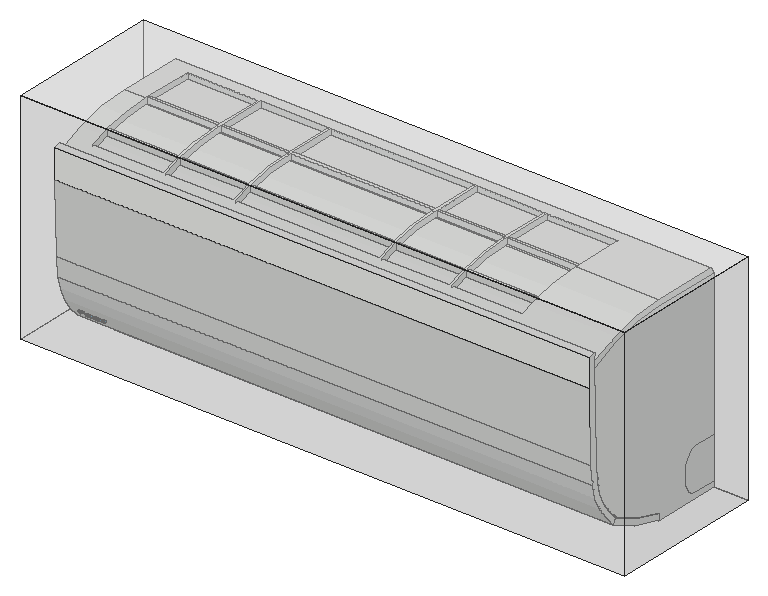
Revit family "outputfile", category 機械設備, Revit 2024
Family settings
  丸型コネクタ寸法 = 半径を使用
  パーツ タイプ = 標準
  OmniClass 番号 = 23.75.10.24.21.27.27
  OmniClass タイトル = Split System Air Conditioning Units
  作業面ベース = いいえ
  常に垂直 = はい
  ロード時にボイドで切り取り = いいえ
  注釈の向きを維持 = いいえ
  共有 = いいえ
  部屋計算ポイント = いいえ
Parameters (values of type "FTKF20TVMA")
  Description = ""
  書き出し IFC クラス(タイプ) = "IfcUnitaryEquipmentType"
  定義済み IFC タイプ(タイプ) = "AIRCONDITIONINGUNIT"
  Cost = 0
  Type Comments = ""
  Keynote = ""
  Type Image = (empty or 0)
  Assembly Code = ""
  w_wall hole = if(Width = 770.0 mm, 48.0 mm, 60.0 mm)  # 48.0 mm
  製造元 = "Daikin"
  モデル = "FTKF20TVMA"
  switch_frequency = yes
  r_Liquid Pipe Size = Liquid Pipe Size / 2  # 3.2 mm
  r_Gas Pipe Size = Gas Pipe Size / 2  # 4.75 mm
  r_Drain Pipe Size = Drain Pipe Size / 2  # 8.0 mm
  lw_powersupply [instance] = if(Width = 770.0 mm, if(or(Rear Right Connection_refrigerant, Bottom Right Connection_refrigerant), 25.0 mm, if(or(Rear Left Connection_refrigerant, Bottom Left Connection_refrigerant), 745.0 mm, 400.0 mm)), if(Width = 990.0 mm, if(or(Rear Right Connection_refrigerant, Bottom Right Connection_refrigerant), 40.0 mm, if(or(Rear Left Connection_refrigerant, Bottom Left Connection_refrigerant), 920.0 mm, 400.0 mm)), if(or(Rear Right Connection_refrigerant, Bottom Right Connection_refrigerant), 40.0 mm, if(or(Rear Left Connection_refrigerant, Bottom Left Connection_refrigerant), 920.0 mm, 400.0 mm))))  # 400.0 mm
  lw_liquidpipe [instance] = if(Width = 770.0 mm, if(or(Rear Right Connection_refrigerant, Bottom Right Connection_refrigerant), 0.0 mm, if(or(Rear Left Connection_refrigerant, Bottom Left Connection_refrigerant), 664.0 mm, 385.0 mm)), if(Width = 990.0 mm, if(or(Rear Right Connection_refrigerant, Bottom Right Connection_refrigerant), 0.0 mm, if(or(Rear Left Connection_refrigerant, Bottom Left Connection_refrigerant), 664.0 mm + (990.0 mm - 770.0 mm), 475.0 mm)), if(or(Rear Right Connection_refrigerant, Bottom Right Connection_refrigerant), 0.0 mm, if(or(Rear Left Connection_refrigerant, Bottom Left Connection_refrigerant), 664.0 mm + (990.0 mm - 770.0 mm), 475.0 mm))))  # 385.0 mm
  lw_gaspipe [instance] = if(Width = 770.0 mm, if(or(Rear Right Connection_refrigerant, Bottom Right Connection_refrigerant), 0.0 mm, if(or(Rear Left Connection_refrigerant, Bottom Left Connection_refrigerant), 675.0 mm, if(Gas Pipe Size = 12.7 mm, 345.0 mm, 335.0 mm))), if(Width = 990.0 mm, if(or(Rear Right Connection_refrigerant, Bottom Right Connection_refrigerant), 10.0 mm, if(or(Rear Left Connection_refrigerant, Bottom Left Connection_refrigerant), 890.0 mm, if(Gas Pipe Size = 15.9 mm, 400.0 mm, 400.0 mm))), if(or(Rear Right Connection_refrigerant, Bottom Right Connection_refrigerant), 10.0 mm, if(or(Rear Left Connection_refrigerant, Bottom Left Connection_refrigerant), 890.0 mm, if(Gas Pipe Size = 15.9 mm, 400.0 mm, 400.0 mm)))))  # 335.0 mm
  lw_drainpipe [instance] = if(Width = 770.0 mm, if(or(Rear Right Connection_refrigerant, Bottom Right Connection_refrigerant), 0.0 mm, if(or(Rear Left Connection_refrigerant, Bottom Left Connection_refrigerant), 770.0 mm - 48.0 mm - 48.0 mm, 440.0 mm)), if(Width = 990.0 mm, if(or(Rear Right Connection_refrigerant, Bottom Right Connection_refrigerant), 0.0 mm, if(or(Rear Left Connection_refrigerant, Bottom Left Connection_refrigerant), 675.0 mm + (990.0 mm - 770.0 mm), 435.0 mm)), if(or(Rear Right Connection_refrigerant, Bottom Right Connection_refrigerant), 0.0 mm, if(or(Rear Left Connection_refrigerant, Bottom Left Connection_refrigerant), 675.0 mm + (990.0 mm - 770.0 mm), 435.0 mm))))  # 440.0 mm
  l_powersupply_length [instance] = if(Width = 770.0 mm, if(Right Connection_refrigerant, 400.0 mm, if(Left Connection_refrigerant, 770.0 mm - 400.0 mm, if(or(Rear Left Connection_refrigerant, Rear Right Connection_refrigerant), 15.0 mm, 50.0 mm))), if(Width = 990.0 mm, if(Right Connection_refrigerant, 400.0 mm, if(Left Connection_refrigerant, 990.0 mm - 400.0 mm, if(or(Rear Left Connection_refrigerant, Rear Right Connection_refrigerant), 15.0 mm, 50.0 mm))), if(Right Connection_refrigerant, 400.0 mm, if(Left Connection_refrigerant, 990.0 mm - 400.0 mm, if(or(Rear Left Connection_refrigerant, Rear Right Connection_refrigerant), 15.0 mm, 50.0 mm)))))  # 400.0 mm
  l_liquidpipe_length [instance] = if(Width = 770.0 mm, if(Right Connection_refrigerant, 433.0 mm, if(Left Connection_refrigerant, 337.0 mm, if(or(Rear Left Connection_refrigerant, Rear Right Connection_refrigerant), 30.0 mm, 40.0 mm))), if(Width = 990.0 mm, if(Right Connection_refrigerant, 535.0 mm, if(Left Connection_refrigerant, 455.0 mm, if(or(Rear Left Connection_refrigerant, Rear Right Connection_refrigerant), 30.0 mm, 40.0 mm))), if(Right Connection_refrigerant, 535.0 mm, if(Left Connection_refrigerant, 455.0 mm, if(or(Rear Left Connection_refrigerant, Rear Right Connection_refrigerant), 30.0 mm, 40.0 mm)))))  # 433.0 mm
  l_gaspipe_length [instance] = if(Width = 770.0 mm, if(Right Connection_refrigerant, if(Gas Pipe Size = 12.7 mm, 393.0 mm, 383.0 mm), if(Left Connection_refrigerant, if(Gas Pipe Size = 12.7 mm, 770.0 mm - 393.0 mm, 770.0 mm - 383.0 mm), if(or(Rear Left Connection_refrigerant, Rear Right Connection_refrigerant), 40.0 mm, 50.0 mm))), if(Width = 990.0 mm, if(Right Connection_refrigerant, if(Gas Pipe Size = 15.9 mm, 460.0 mm, 460.0 mm), if(Left Connection_refrigerant, if(Gas Pipe Size = 15.9 mm, 990.0 mm - 460.0 mm, 990.0 mm - 460.0 mm), if(or(Rear Left Connection_refrigerant, Rear Right Connection_refrigerant), 40.0 mm, 50.0 mm))), if(Right Connection_refrigerant, if(Gas Pipe Size = 15.9 mm, 460.0 mm, 460.0 mm), if(Left Connection_refrigerant, if(Gas Pipe Size = 15.9 mm, 990.0 mm - 460.0 mm, 990.0 mm - 460.0 mm), if(or(Rear Left Connection_refrigerant, Rear Right Connection_refrigerant), 40.0 mm, 50.0 mm)))))  # 383.0 mm
  l_drainpipe_length [instance] = if(Width = 770.0 mm, if(Right Connection_refrigerant, 488.0 mm, if(Left Connection_refrigerant, 282.0 mm, if(or(Rear Left Connection_refrigerant, Rear Right Connection_refrigerant), 15.0 mm, 20.0 mm))), if(Width = 990.0 mm, if(Right Connection_refrigerant, 495.0 mm, if(Left Connection_refrigerant, 495.0 mm, if(or(Rear Left Connection_refrigerant, Rear Right Connection_refrigerant), 15.0 mm, 20.0 mm))), if(Right Connection_refrigerant, 495.0 mm, if(Left Connection_refrigerant, 495.0 mm, if(or(Rear Left Connection_refrigerant, Rear Right Connection_refrigerant), 15.0 mm, 20.0 mm)))))  # 488.0 mm
  h*** = 0.0 mm  # constant formula
  connector_voltage = Voltage_50Hz  # 230 V
  connector_powerinput = [Power Input (Cooling)]  # 0.000 kW
  connector_phase = Phase_50Hz  # 1
  angle_vertical [instance] = if(or(Bottom Left Connection_refrigerant, Bottom Right Connection_refrigerant), 0.00°, 90.00°)  # 90.00°
  angle_horizontal [instance] = if(Right Connection_refrigerant, 90.00°, if(Left Connection_refrigerant, -90.00°, if(or(Rear Left Connection_refrigerant, Rear Right Connection_refrigerant), 180.00°, 0.00°)))  # 90.00°
  Width = 770.0 mm
  Voltage_comment_50Hz = "220 - 240"
  Voltage_50Hz = 230 V
  Version = "ver.1.0"
  Unit Type = "Wall Mounted"
  Unit Mass Weight = 9.00 kg
  Unit Designation [instance] = ""
  Uniclass2015Version = "Products v1.30"
  Uniclass2015Title = "Split coil room air conditioning units"
  Uniclass2015Code = "Pr_70_65_03_86"
  URL = ""
  Total Cooling Capacity [instance] = 0.000 kW
  Sound Pressure Level_M speed (dBA) = 33
  Sound Pressure Level_L speed (dBA) = 27
  Sound Pressure Level_H speed (dBA) = 39
  Sound Power Level_H speed (dB) = 0
  Series = "Single Split_Fan Coil Unit"
  Sensible Cooling Capacity [instance] = 0.000 kW
  Refrigerant Type = "R32"
  Power Input (Cooling) = 0.000 kW
  Phase_50Hz = 1
  Option Accessory 3 [instance] = ""
  Option Accessory 2 [instance] = ""
  Option Accessory 1 [instance] = ""
  Nominal Cooling Capacity = 2.000 kW
  Minimum Circuit Amps_50Hz = 0.0 A
  Minimum Airflow = 306.00 m³/h
  Median Airflow = 390.00 m³/h
  Maximum Fuse Amps_50Hz = 0.0 A
  Maximum Airflow = 546.00 m³/h
  Material_Casing = DAIKIN_PureWhite_Casing_indoorunit
  Load Classification = HVAC
  Liquid Pipe Size = 6.4 mm
  Link_Nested Family [instance] = ""
  IfcVersion = ""
  IfcExportType = "AIRCONDITIONINGUNIT"
  IfcExportAs = "IfcUnitaryEquipmentType"
  Height = 285.0 mm
  Heat Exchanger Type = "Cross Fin Coil"
  Gas Pipe Size = 9.5 mm
  Frequency_50Hz = 50 Hz
  Fan Type = "Cross Flow Fan"
  Fan Drive = "Direct Drive"
  FCU Tag No. [instance] = ""
  Drain Pipe Size = 16.0 mm
  Design Supply Airflow [instance] = 0.00 m³/h
  Depth = 223.0 mm
  既定の高さ = 0.0 mm
  Cooling Entering Wet Bulb Temperature [instance] = 0.00 °C
  Cooling Entering Dry Bulb Temperature [instance] = 0.00 °C
  Cooling Ambient Wet Bulb Temperature [instance] = 0.00 °C
  Cooling Ambient Dry Bulb Temperature [instance] = 0.00 °C
  Clearance visibility [instance] = yes
  Clearance Top = 30.0 mm
  Clearance Right = 50.0 mm
  Clearance Rear = 0.0 mm
  Clearance Left = 50.0 mm
  Clearance Front = 0.0 mm
  Clearance Bottom = 0.0 mm
  Bottom Right Connection_refrigerant [instance] = no
  Bottom Left Connection_refrigerant [instance] = no
  Rear Right Connection_refrigerant [instance] = no
  Rear Left Connection_refrigerant [instance] = no
  Right Connection_refrigerant [instance] = yes
  Left Connection_refrigerant [instance] = no
Reference planes
  plane 1 "Back": y = 0
  plane 2: z = 0
  plane 3 "Center (Left/Right)": x = 0
  plane 4 "Center (Front/Back)": y = -111.5
  plane 5 "Front": y = -223
  plane 6 "Left": x = -385
  plane 7 "Right": x = 385
  plane 8 "Top": z = 0
  plane 9 "Bottom": z = -285
  plane 10: x = -435
  plane 11: x = 435
  plane 12: y = 0
  plane 13: y = -223
  plane 14: z = 30
  plane 15: z = -285
  plane 16 "lw_Piping and Wiring intake": x = 337
  plane 17 "lw_gaspipe": x = 2
  plane 18 "lw_liquidpipe": x = -48
  plane 19 "lw_drainpipe": x = -103
  plane 20 "lh_drainpipe": z = -265
  plane 21 "lh_liquidpipe": z = -245
  plane 22 "lh_gaspipe": z = -235
  plane 23 "ld_drainpipe": y = -15
  plane 24 "ld_liquidpipe": y = -30
  plane 25 "ld_gaspipe": y = -40
  plane 26 "lw_powersupply": x = -15
Dimensions and locks
  equal spacing: plane 6 "Left", plane 3 "Center (Left/Right)", plane 7 "Right"
  "Width": plane 6 "Left" to plane 7 "Right"
  equal spacing: plane 5 "Front", plane 4 "Center (Front/Back)", plane 1 "Back"
  "Depth": plane 5 "Front" to plane 1 "Back"
  "Height": plane 8 "Top" to plane 9 "Bottom"
  "Clearance Rear": plane 12 to plane 1 "Back"
  "Clearance Front": plane 13 to plane 5 "Front"
  "Clearance Top": plane 14 to plane 8 "Top"
  "Clearance Bottom": plane 9 "Bottom" to plane 15
  "w_wall hole": plane 16 "lw_Piping and Wiring intake" to plane 7 "Right"
  "lw_gaspipe": plane 17 "lw_gaspipe" to plane 16 "lw_Piping and Wiring intake"
  "lw_liquidpipe": plane 18 "lw_liquidpipe" to plane 16 "lw_Piping and Wiring intake"
  "lw_drainpipe": plane 19 "lw_drainpipe" to plane 16 "lw_Piping and Wiring intake"
  locked: plane 20 "lh_drainpipe" to plane 9 "Bottom" at 20
  locked: plane 21 "lh_liquidpipe" to plane 9 "Bottom" at 40
  locked: plane 22 "lh_gaspipe" to plane 9 "Bottom" at 50
  locked: plane 23 "ld_drainpipe" to plane 1 "Back" at 15
  locked: plane 1 "Back" to plane 24 "ld_liquidpipe" at 30
  locked: plane 1 "Back" to plane 25 "ld_gaspipe" at 40
  "lw_powersupply": plane 26 "lw_powersupply" to plane 7 "Right"
  "Clearance Left": plane 10 to plane 6 "Left"
  "Clearance Right": plane 7 "Right" to plane 11
  aligned and locked: level to plane 2
  aligned and locked: plane 12 to nested 1
  aligned and locked: nested 1 to plane 13
  aligned and locked: plane 10 to nested 1
  aligned and locked: plane 11 to nested 1
  aligned and locked: plane 15 to nested 1
  aligned and locked: plane 14 to nested 1
  aligned and locked: plane 17 "lw_gaspipe" to nested 2
  aligned and locked: nested 2 to plane 25 "ld_gaspipe"
  aligned and locked: plane 18 "lw_liquidpipe" to nested 3
  aligned and locked: nested 3 to plane 24 "ld_liquidpipe"
  aligned and locked: plane 19 "lw_drainpipe" to nested 4
  aligned and locked: nested 4 to plane 23 "ld_drainpipe"
  aligned and locked: nested 5 to plane 23 "ld_drainpipe"
  aligned and locked: plane 26 "lw_powersupply" to nested 5
  aligned and locked: level to plane 8 "Top"
  aligned and locked: plane 3 "Center (Left/Right)" to nested 6
  aligned and locked: plane 1 "Back" to nested 6
  aligned and locked: plane 8 "Top" to nested 6
Nested families
  nested 1: "daikin_clearancespace" at (0, -111.5, -127.381), show <- "Clearance visibility", visible <- "Clearance visibility", Link_Nested Family <- "Link_Nested Family", type "daikin_clearancespace"
    with width 870.0 mm, show yes, height 315.0 mm, depth 223.0 mm, Link_Nested Family ""
  nested 2: "daikin_connector_rotate3" at (2, -40, -235), angle_vertical <- "angle_vertical", angle_horizontal <- "angle_horizontal", length <- "l_gaspipe_length", radius <- "r_Gas Pipe Size", type "daikin_connector_rotate3"
    with show no, radius 4.75 mm, length 383.0 mm, angle_vertical 90.00°, angle_horizontal 90.00°
  nested 3: "daikin_connector_rotate3" at (-48, -30, -245), angle_vertical <- "angle_vertical", angle_horizontal <- "angle_horizontal", radius <- "r_Liquid Pipe Size", length <- "l_liquidpipe_length", type "daikin_connector_rotate3"
    with show no, radius 3.2 mm, length 433.0 mm, angle_vertical 90.00°, angle_horizontal 90.00°
  nested 4: "daikin_connector_rotate3" at (-103, -15, -265), angle_vertical <- "angle_vertical", angle_horizontal <- "angle_horizontal", length <- "l_drainpipe_length", radius <- "r_Drain Pipe Size", type "daikin_connector_rotate3"
    with show no, radius 8.0 mm, length 488.0 mm, angle_vertical 90.00°, angle_horizontal 90.00°
  nested 5: "daikin_connector_rotate3" at (-15, -15, -235), angle_vertical <- "angle_vertical", angle_horizontal <- "angle_horizontal", length <- "l_powersupply_length", type "daikin_connector_rotate3"
    with show no, radius 10.0 mm, length 400.0 mm, angle_vertical 90.00°, angle_horizontal 90.00°
  nested 6: "DAIKIN_indoorunit_FTKF-TVMA" at (-31, 0, 0), type "FTKF-TVMA"
Connectors
  piping at (385, -40, -235), diameter 9.5, driven by "r_Gas Pipe Size"
    settings: on nested 2, index 1, connector inside diameter 609.6 mm, connector length 0.0 mm, flow factor 0, pipe flow 0.00 m³/h, pressure drop 0.0 Pa, fitting loss kfactor 0, connector angle 0.00°, fixture units 0, engagement length 0.0 mm, angle of deflection 0.00°, flow configuration 1, flow direction 2, fitting loss method 0, system type 29, joint type 0, gender type 0, connector reference index -1, connector utility 0, adjustable connector no, is connector primary yes, connector description "Refrigerant Gas Piping"
  piping at (385, -30, -245), diameter 6.4, driven by "r_Liquid Pipe Size"
    settings: on nested 3, index 2, connector inside diameter 609.6 mm, connector length 0.0 mm, flow factor 0, pipe flow 0.00 m³/h, pressure drop 0.0 Pa, fitting loss kfactor 0, connector angle 0.00°, fixture units 0, engagement length 0.0 mm, angle of deflection 0.00°, flow configuration 1, flow direction 1, fitting loss method 0, system type 29, joint type 0, gender type 0, connector reference index -1, connector utility 0, adjustable connector no, is connector primary no, connector description "Refrigerant Liquid Piping"
  piping at (385, -15, -265), diameter 16, driven by "r_Drain Pipe Size"
    settings: on nested 4, index 3, connector inside diameter 609.6 mm, connector length 0.0 mm, flow factor 0, pipe flow 0.00 m³/h, pressure drop 0.0 Pa, fitting loss kfactor 0, connector angle 0.00°, fixture units 0, engagement length 0.0 mm, angle of deflection 0.00°, flow configuration 1, flow direction 2, fitting loss method 4, system type 16, joint type 0, gender type 0, connector reference index -1, connector utility 0, adjustable connector no, is connector primary no, connector description "Condensate Drain Piping"
  electrical at (385, -15, -235), driven by "Load Classification", driven by "connector_voltage", driven by "connector_phase", driven by "connector_powerinput"
    settings: on nested 5, index 4, voltage 230 V, apparent load 0 VA, apparent load phase1 0 VA, apparent load phase2 0 VA, apparent load phase3 0 VA, power factor 1, load classification "HVAC", number of poles 1, system type 30, power factor state 1, is connector primary yes, connector utility no, sub classification motor no, connector description "Power Supply"
Definition of nested family "daikin_clearancespace"
  Parameters (values of type "daikin_clearancespace")
    Description = "daikin_clearancespace"
    width [instance] = 1823.963 mm
    show [instance] = yes
    material = none
    height [instance] = 1359.762 mm
    depth [instance] = 880.0 mm
    Default Elevation = 0.0 mm
    Link_Nested Family [instance] = ""
  Reference planes
    plane 1 "Center (Front/Back)": y = 0
    plane 2 "Center (Elevation)": z = -0.119
    plane 3 "Center (Left/Right)": x = 0
    plane 4: y = 440
    plane 5: y = -440
    plane 6 "Right": x = 911.982
    plane 7 "Left": x = -911.982
    plane 8 "Top": z = 679.762
    plane 9 "Bottom": z = -680
  Forms (mm)
    Extrusion 1, solid, material <- "material", visible <- "show"
      sketch origin (0, 0, 0) x (1, 0, 0) y (0, 1, 0)
        loop
          line (-911.982, 440) -> (-911.982, -440) -> (911.982, -440) -> (911.982, 440) -> (-911.982, 440)
      from -680 to 679.762
  Lines and regions (mm)
    symbolic lines, visible <- "show"
      curve 1: line (911.982, 440, 0) -> (-911.982, 440, 0)
      curve 2: line (-911.982, 440, 0) -> (-911.982, -440, 0)
      curve 3: line (-911.982, -440, 0) -> (911.982, -440, 0)
      curve 4: line (911.982, -440, 0) -> (911.982, 440, 0)
      curve 5: line (911.982, 0, 679.762) -> (-911.982, 0, 679.762)
      curve 6: line (911.982, 0, -680) -> (911.982, 0, 679.762)
      curve 7: line (-911.982, 0, -680) -> (911.982, 0, -680)
      curve 8: line (-911.982, 0, 679.762) -> (-911.982, 0, -680)
      curve 9: line (0, 440, 679.762) -> (0, -440, 679.762)
      curve 10: line (0, -440, 679.762) -> (0, -440, -680)
      curve 11: line (0, 440, -680) -> (0, 440, 679.762)
      curve 12: line (0, -440, -680) -> (0, 440, -680)
  Dimensions and locks
    "width": plane 7 "Left" to plane 6 "Right"
    "depth": plane 4 to plane 5
    "height": plane 8 "Top" to plane 9 "Bottom"
    equal spacing: plane 7 "Left", plane 3 "Center (Left/Right)", plane 6 "Right"
    equal spacing: plane 4, plane 1 "Center (Front/Back)", plane 5
    equal spacing: plane 8 "Top", plane 2 "Center (Elevation)", plane 9 "Bottom"
    aligned and locked: level to plane 2 "Center (Elevation)"
    aligned and locked: Extrusion 1 sketch curve to plane 4
    aligned and locked: plane 7 "Left" to Extrusion 1 sketch curve
    aligned and locked: Extrusion 1 sketch curve to plane 5
    aligned and locked: Extrusion 1 sketch curve to plane 6 "Right"
    aligned and locked: plane 8 "Top" to Extrusion 1
    aligned and locked: curve 1 to Extrusion 1
    aligned and locked: curve 2 to Extrusion 1
    aligned and locked: curve 3 to Extrusion 1
    aligned and locked: curve 4 to Extrusion 1
    aligned and locked: curve 5 to Extrusion 1
    aligned and locked: curve 6 to Extrusion 1
    aligned and locked: curve 7 to Extrusion 1
    aligned and locked: curve 8 to Extrusion 1
    aligned and locked: curve 9 to Extrusion 1
    aligned and locked: curve 10 to Extrusion 1
    aligned and locked: curve 11 to Extrusion 1
    aligned and locked: curve 12 to Extrusion 1
    aligned and locked: Extrusion 1 to plane 9 "Bottom"
Definition of nested family "DAIKIN_indoorunit_FTKF-TVMA"
  Parameters (values of type "FTKF-TVMA")
    switch_unit1_60-71 = Width = 990.0 mm  # no
    switch_unit1_20-50 = Width = 770.0 mm  # yes
    Width = 770.0 mm
    WALL HOLE-R = if(Width = 770.0 mm, 48.0 mm, 60.0 mm)  # 48.0 mm
    WALL HOLE Size = if(Width = 770.0 mm, 65.0 mm, 80.0 mm)  # 65.0 mm
    Material_Casing = none
    Height = if(Width = 770.0 mm, 285.0 mm, 295.0 mm)  # 285.0 mm
    Default Elevation = 0.0 mm
  Reference planes
    plane 1 "Center (Front/Back)": y = 0
    plane 2 "reference_level": z = 0
    plane 3 "Center (Left/Right)": x = 31
    plane 4: x = -354
    plane 5: x = 416
    plane 6: z = -285
  Forms (mm)
    Extrusion 1, solid, material <- "Material_Casing", visible <- "switch_unit1_20-50"
      sketch origin (29, 0, 0) x (0, 1, 0) y (0, 0, 1)
        loop
          line (-5, 0) -> (-98, 0)
          arc (-98, 0) -> (-157.611, -7.211) -> (-213.783, -28.427) r 250
          arc (-213.783, -28.427) -> (-213.842, -32.972) -> (-213.892, -37.516) r 2191
          arc (-213.892, -37.516) -> (-157.832, -15.495) -> (-98.07, -8) r 242
          line (-98.07, -8) -> (0, -8) -> (-5, 0)
      from -383 to 387
    Extrusion 2, solid, material <- "Material_Casing", visible <- "switch_unit1_20-50"
      sketch origin (416, 1296.25, 1200) x (0, 1, 0) y (0, 0, 1)
        loop
          line (-1472.998, -1446.91) -> (-1476.998, -1453.839)
          arc (-1476.998, -1453.839) -> (-1437.481, -1472.422) -> (-1395.25, -1483.538) r 240
          line (-1395.25, -1483.538) -> (-1395.25, -1475.422)
          arc (-1395.25, -1475.422) -> (-1435.407, -1464.663) -> (-1472.998, -1446.91) r 232
      from 0 to -47.5
    Extrusion 3, solid, material <- "Material_Casing", visible <- "switch_unit1_20-50"
      sketch origin (29, 0, 0) x (0, 1, 0) y (0, 0, 1)
        loop
          arc (-223, -60.455) -> (-222.414, -110.646) -> (-220.656, -160.81) r 2149.92
          arc (-220.656, -160.81) -> (-219.65, -174.299) -> (-217.853, -187.706) r 229.911
          arc (-217.853, -187.706) -> (-205.371, -223.594) -> (-181.517, -253.17) r 111
          line (-181.517, -253.17) -> (-177.429, -246.093)
          arc (-177.429, -246.093) -> (-198.77, -218.989) -> (-209.965, -186.36) r 103
          arc (-209.965, -186.36) -> (-211.681, -173.586) -> (-212.651, -160.735) r 221.844
          arc (-212.651, -160.735) -> (-214.739, -93.233) -> (-214.74, -25.699) r 2186.828
          arc (-214.74, -25.699) -> (-214.671, -21.467) -> (-214.594, -17.235) r 2192
          line (-214.594, -17.235) -> (-223, -19.961) -> (-223, -60.455)
      from -383 to 387
    Extrusion 4, solid, material <- "Material_Casing", visible <- "switch_unit1_20-50"
      sketch origin (29, 0, -20) x (0, 1, 0) y (0, 0, 1)
        loop
          line (0, -265) -> (0, 12) -> (-98.07, 12)
          arc (-98.07, 12) -> (-157.832, 4.505) -> (-213.892, -17.516) r 242
          arc (-213.892, -17.516) -> (-213.638, -79.114) -> (-211.653, -140.681) r 2191
          arc (-211.653, -140.681) -> (-210.685, -153.501) -> (-208.973, -166.243) r 221
          arc (-208.973, -166.243) -> (-197.471, -199.282) -> (-175.482, -226.491) r 102
          arc (-175.482, -226.491) -> (-138.004, -244.019) -> (-98, -254.579) r 231
          line (-98, -254.579) -> (-98, -265) -> (0, -265)
      from -383 to 387
    Extrusion 5, solid, material <- "Material_Casing", visible <- "switch_unit1_20-50"
      sketch origin (-354, 1296.25, 1200) x (0, 1, 0) y (0, 0, 1)
        loop
          line (-1472.998, -1446.91) -> (-1476.998, -1453.839)
          arc (-1476.998, -1453.839) -> (-1437.481, -1472.422) -> (-1395.25, -1483.538) r 240
          line (-1395.25, -1483.538) -> (-1395.25, -1475.422)
          arc (-1395.25, -1475.422) -> (-1435.407, -1464.663) -> (-1472.998, -1446.91) r 232
      from 47 to 0
    Extrusion 6, solid, material <- "Material_Casing", visible <- "switch_unit1_20-50"
      sketch origin (416, 1296.25, 1200) x (0, 1, 0) y (0, 0, 1)
        loop
          line (-1472.998, -1446.91) -> (-1476.998, -1453.839)
          arc (-1476.998, -1453.839) -> (-1443.437, -1470.168) -> (-1407.75, -1481.097) r 240
          line (-1407.75, -1481.097) -> (-1407.75, -1472.894)
          arc (-1407.75, -1472.894) -> (-1441.363, -1462.385) -> (-1472.998, -1446.91) r 232
      from -116.993 to -48.493
    Extrusion 7, solid, material <- "Material_Casing", visible <- "switch_unit1_20-50"
      sketch origin (416, 1296.25, 1200) x (0, 1, 0) y (0, 0, 1)
        loop
          line (-1472.998, -1446.91) -> (-1476.998, -1453.839)
          arc (-1476.998, -1453.839) -> (-1443.437, -1470.168) -> (-1407.75, -1481.097) r 240
          line (-1407.75, -1481.097) -> (-1407.75, -1472.894)
          arc (-1407.75, -1472.894) -> (-1441.363, -1462.385) -> (-1472.998, -1446.91) r 232
      from -717 to -121.993
    Extrusion 8, void
      sketch origin (31, 0, -235) x (1, 0, 0) y (0, 1, 0)
        loop
          line (-252.674, -22.316) -> (-354.941, -22.316) -> (-354.941, -91.341) -> (-252.674, -91.341) -> (-252.674, -22.316)
        loop
          line (-249.341, -91.341) -> (-151.574, -91.341) -> (-151.574, -22.316) -> (-249.341, -22.316) -> (-249.341, -91.341)
        loop
          line (58.309, -22.316) -> (-148.309, -22.316) -> (-148.309, -91.341) -> (58.309, -91.341) -> (58.309, -22.316)
        loop
          line (61.689, -22.316) -> (61.689, -91.341) -> (159.457, -91.341) -> (159.457, -22.316) -> (61.689, -22.316)
        loop
          line (162.789, -22.316) -> (162.789, -91.341) -> (265.057, -91.341) -> (265.057, -22.316) -> (162.789, -22.316)
        loop
          line (-354.941, -94.659) -> (-354.941, -165.259) -> (-252.674, -165.259) -> (-252.674, -94.659) -> (-354.941, -94.659)
        loop
          line (-249.341, -94.659) -> (-249.341, -165.259) -> (-151.574, -165.259) -> (-151.574, -94.659) -> (-249.341, -94.659)
        loop
          line (-148.309, -94.659) -> (-148.309, -165.259) -> (58.309, -165.259) -> (58.309, -94.659) -> (-148.309, -94.659)
        loop
          line (61.689, -94.659) -> (61.689, -165.259) -> (159.457, -165.259) -> (159.457, -94.659) -> (61.689, -94.659)
        loop
          line (162.789, -94.659) -> (162.789, -165.259) -> (265.057, -165.259) -> (265.057, -94.659) -> (162.789, -94.659)
        loop
          line (-354.941, -167.382) -> (-354.941, -192.681) -> (-252.674, -192.681) -> (-252.674, -167.382) -> (-354.941, -167.382)
        loop
          line (-249.341, -167.382) -> (-249.341, -192.681) -> (-151.574, -192.681) -> (-151.574, -167.382) -> (-249.341, -167.382)
        loop
          line (-148.309, -167.382) -> (-148.309, -192.681) -> (58.309, -192.681) -> (58.309, -167.382) -> (-148.309, -167.382)
        loop
          line (159.457, -167.382) -> (61.689, -167.382) -> (61.689, -192.681) -> (159.457, -192.681) -> (159.457, -167.382)
        loop
          line (265.057, -167.382) -> (162.789, -167.382) -> (162.789, -192.681) -> (265.057, -192.681) -> (265.057, -167.382)
      from 201.638 to 250
    Extrusion 9, solid, material <- "Material_Casing"
      sketch origin (31, 0, 0) x (1, 0, 0) y (0, 0, 1)
        loop
          circle (337, -240.5) r 32.5
        loop
          circle (-337, -240.5) r 32.5
      from 0 to 5
    Extrusion 10, solid, material <- "Material_Casing", visible <- "switch_unit1_20-50"
      sketch origin (416, 1296.25, 1200) x (0, -1, 0) y (0, 0, 1)
        loop
          line (1326.25, -1417) -> (1296.25, -1417) -> (1296.25, -1477) -> (1326.25, -1477)
          arc (1326.25, -1477) -> (1340.393, -1471.142) -> (1346.25, -1457) r 20
          line (1346.25, -1457) -> (1346.25, -1437)
          arc (1346.25, -1437) -> (1340.393, -1422.858) -> (1326.25, -1417) r 20
      from 0 to 5
    Extrusion 11, solid, material <- "Material_Casing", visible <- "switch_unit1_20-50"
      sketch origin (-354, 1296.25, 1200) x (0, 1, 0) y (0, 0, 1)
        loop
          line (-1296.25, -1417) -> (-1326.25, -1417)
          arc (-1326.25, -1417) -> (-1340.393, -1422.858) -> (-1346.25, -1437) r 20
          line (-1346.25, -1437) -> (-1346.25, -1457)
          arc (-1346.25, -1457) -> (-1340.393, -1471.142) -> (-1326.25, -1477) r 20
          line (-1326.25, -1477) -> (-1296.25, -1477) -> (-1296.25, -1417)
      from 0 to 5
    Extrusion 12, solid, material <- "Material_Casing", visible <- "switch_unit1_20-50"
      sketch origin (31, 0, -285) x (-1, 0, 0) y (0, -1, 0)
        loop
          line (-314, 0) -> (-314, 30)
          arc (-314, 30) -> (-319.858, 44.142) -> (-334, 50) r 20
          line (-334, 50) -> (-354, 50)
          arc (-354, 50) -> (-368.142, 44.142) -> (-374, 30) r 20
          line (-374, 30) -> (-374, 0) -> (-314, 0)
        loop
          line (374, 0) -> (374, 30)
          arc (374, 30) -> (368.142, 44.142) -> (354, 50) r 20
          line (354, 50) -> (334, 50)
          arc (334, 50) -> (319.858, 44.142) -> (314, 30) r 20
          line (314, 30) -> (314, 0) -> (374, 0)
      from 0 to 5
    Extrusion 13, solid, material <- "Material_Casing", visible <- "switch_unit1_60-71"
      sketch origin (31, 0, 0) x (0, 1, 0) y (0, 0, 1)
        loop
          line (-5, 0) -> (-138, 0)
          arc (-138, 0) -> (-197.611, -7.211) -> (-253.783, -28.427) r 250
          arc (-253.783, -28.427) -> (-253.838, -32.687) -> (-253.886, -36.946) r 2191
          arc (-253.886, -36.946) -> (-197.73, -15.346) -> (-138.014, -8) r 246.393
          line (-138.014, -8) -> (0, -8) -> (-5, 0)
      from -495 to 495
    Extrusion 14, solid, material <- "Material_Casing", visible <- "switch_unit1_60-71"
      sketch origin (418, 1296.25, 1200) x (0, 1, 0) y (0, 0, 1)
        loop
          arc (-1515.208, -1454.149) -> (-1506.856, -1460.599) -> (-1497.925, -1466.219) r 110
          arc (-1497.925, -1466.219) -> (-1445.718, -1487.493) -> (-1389.844, -1494.995) r 223
          line (-1389.844, -1494.995) -> (-1389.844, -1486.086) -> (-1404.386, -1486.086)
          arc (-1404.386, -1486.086) -> (-1449.542, -1477.46) -> (-1491.818, -1459.402) r 214.289
          arc (-1491.818, -1459.402) -> (-1501.056, -1453.541) -> (-1509.606, -1446.715) r 101
          line (-1509.606, -1446.715) -> (-1515.208, -1454.149)
      from 108 to 57.5
    Extrusion 15, solid, material <- "Material_Casing", visible <- "switch_unit1_60-71"
      sketch origin (31, 0, 0) x (0, 1, 0) y (0, 0, 1)
        loop
          line (-263, -19.962) -> (-263, -61.6)
          arc (-263, -61.6) -> (-262.414, -110.219) -> (-260.656, -158.81) r 2017.341
          arc (-260.656, -158.81) -> (-255.648, -191.935) -> (-244.041, -223.362) r 164.725
          arc (-244.041, -223.362) -> (-233.569, -239.793) -> (-219.717, -253.495) r 87.379
          line (-219.717, -253.495) -> (-214.706, -246.846)
          arc (-214.706, -246.846) -> (-229.564, -230.029) -> (-240.385, -210.371) r 102
          arc (-240.385, -210.371) -> (-249.049, -182.962) -> (-252.848, -154.467) r 165.789
          arc (-252.848, -154.467) -> (-254.771, -90.102) -> (-254.74, -25.708) r 2122.533
          arc (-254.74, -25.708) -> (-254.671, -21.469) -> (-254.594, -17.23) r 2192
          line (-254.594, -17.23) -> (-263, -19.962)
      from -495 to 495
    Extrusion 16, void
      sketch origin (33, 0, 0) x (1, 0, 0) y (0, 1, 0)
        loop
          line (-466.909, -22.316) -> (-466.909, -111.341) -> (-366.303, -111.341) -> (-366.303, -22.316) -> (-466.909, -22.316)
        loop
          line (-362.71, -22.316) -> (-362.71, -111.341) -> (-262.103, -111.341) -> (-262.103, -22.316) -> (-362.71, -22.316)
        loop
          line (-258.51, -22.316) -> (-258.51, -111.341) -> (-157.904, -111.341) -> (-157.904, -22.316) -> (-258.51, -22.316)
        loop
          line (-154.31, -22.316) -> (-154.31, -111.341) -> (-53.704, -111.341) -> (-53.704, -22.316) -> (-154.31, -22.316)
        loop
          line (-50.11, -22.316) -> (-50.11, -111.341) -> (50.496, -111.341) -> (50.496, -22.316) -> (-50.11, -22.316)
        loop
          line (54.089, -22.316) -> (54.089, -111.341) -> (154.696, -111.341) -> (154.696, -22.316) -> (54.089, -22.316)
        loop
          line (158.289, -22.316) -> (158.289, -111.341) -> (258.895, -111.341) -> (258.895, -22.316) -> (158.289, -22.316)
        loop
          line (262.489, -22.316) -> (262.489, -111.341) -> (363.095, -111.341) -> (363.095, -22.316) -> (262.489, -22.316)
        loop
          line (-466.909, -114.459) -> (-466.909, -185.059) -> (-366.303, -185.059) -> (-366.303, -114.459) -> (-466.909, -114.459)
        loop
          line (-362.71, -114.459) -> (-362.71, -185.059) -> (-262.103, -185.059) -> (-262.103, -114.459) -> (-362.71, -114.459)
        loop
          line (-258.51, -114.459) -> (-258.51, -185.059) -> (-157.904, -185.059) -> (-157.904, -114.459) -> (-258.51, -114.459)
        loop
          line (-154.31, -114.459) -> (-154.31, -185.059) -> (-53.704, -185.059) -> (-53.704, -114.459) -> (-154.31, -114.459)
        loop
          line (-50.11, -114.459) -> (-50.11, -185.059) -> (50.496, -185.059) -> (50.496, -114.459) -> (-50.11, -114.459)
        loop
          line (54.089, -114.459) -> (54.089, -185.059) -> (154.696, -185.059) -> (154.696, -114.459) -> (54.089, -114.459)
        loop
          line (158.289, -114.459) -> (158.289, -185.059) -> (258.895, -185.059) -> (258.895, -114.459) -> (158.289, -114.459)
        loop
          line (262.489, -114.459) -> (262.489, -185.059) -> (363.095, -185.059) -> (363.095, -114.459) -> (262.489, -114.459)
        loop
          line (-466.909, -187.382) -> (-466.909, -232.681) -> (-366.303, -232.681) -> (-366.303, -187.382) -> (-466.909, -187.382)
        loop
          line (-362.71, -187.382) -> (-362.71, -232.681) -> (-262.103, -232.681) -> (-262.103, -187.382) -> (-362.71, -187.382)
        loop
          line (-258.51, -187.382) -> (-258.51, -232.681) -> (-157.904, -232.681) -> (-157.904, -187.382) -> (-258.51, -187.382)
        loop
          line (-154.31, -187.382) -> (-154.31, -232.681) -> (-53.704, -232.681) -> (-53.704, -187.382) -> (-154.31, -187.382)
        loop
          line (-50.11, -187.382) -> (-50.11, -232.681) -> (50.496, -232.681) -> (50.496, -187.382) -> (-50.11, -187.382)
        loop
          line (54.089, -187.382) -> (54.089, -232.681) -> (154.696, -232.681) -> (154.696, -187.382) -> (54.089, -187.382)
        loop
          line (158.289, -187.382) -> (158.289, -232.681) -> (258.895, -232.681) -> (258.895, -187.382) -> (158.289, -187.382)
        loop
          line (262.489, -187.382) -> (262.489, -232.681) -> (363.095, -232.681) -> (363.095, -187.382) -> (262.489, -187.382)
      from -40.013 to 47.268
    Extrusion 17, solid, material <- "Material_Casing", visible <- "switch_unit1_60-71"
      sketch origin (-356, 1296.25, 1200) x (0, 1, 0) y (0, 0, -1)
        loop
          line (-1515.208, 1454.149) -> (-1509.606, 1446.715)
          arc (-1509.606, 1446.715) -> (-1501.056, 1453.541) -> (-1491.818, 1459.402) r 101
          arc (-1491.818, 1459.402) -> (-1449.542, 1477.46) -> (-1404.386, 1486.086) r 214.289
          line (-1404.386, 1486.086) -> (-1389.844, 1486.086) -> (-1389.844, 1494.995)
          arc (-1389.844, 1494.995) -> (-1445.718, 1487.493) -> (-1497.925, 1466.219) r 223
          arc (-1497.925, 1466.219) -> (-1506.856, 1460.599) -> (-1515.208, 1454.149) r 110
      from 108 to 61
    Extrusion 18, solid, material <- "Material_Casing", visible <- "switch_unit1_60-71"
      sketch origin (418, 1296.25, 1200) x (0, 1, 0) y (0, 0, 1)
        loop
          arc (-1515.208, -1454.149) -> (-1506.856, -1460.599) -> (-1497.925, -1466.219) r 110
          arc (-1497.925, -1466.219) -> (-1463.185, -1482.066) -> (-1426.25, -1491.755) r 223
          line (-1426.25, -1491.755) -> (-1426.25, -1483.166)
          arc (-1426.25, -1483.166) -> (-1460.008, -1473.969) -> (-1491.818, -1459.402) r 214.289
          arc (-1491.818, -1459.402) -> (-1501.056, -1453.541) -> (-1509.606, -1446.715) r 101
          line (-1509.606, -1446.715) -> (-1515.208, -1454.149)
      from 56.5 to -36.993
    Extrusion 19, solid, material <- "Material_Casing", visible <- "switch_unit1_60-71"
      sketch origin (418, 1296.25, 1200) x (0, 1, 0) y (0, 0, 1)
        loop
          arc (-1426.25, -1483.166) -> (-1443.442, -1479.224) -> (-1460.25, -1473.881) r 214.289
          line (-1460.25, -1473.881) -> (-1460.25, -1483.089)
          arc (-1460.25, -1483.089) -> (-1443.421, -1488.091) -> (-1426.25, -1491.755) r 223
          line (-1426.25, -1491.755) -> (-1426.25, -1483.166)
      from -43.493 to -828.893
    Extrusion 20, solid, material <- "Material_Casing", visible <- "switch_unit1_60-71"
      sketch origin (418, 1296.25, 1200) x (0, 1, 0) y (0, 0, 1)
        loop
          arc (-1515.208, -1454.149) -> (-1506.856, -1460.599) -> (-1497.925, -1466.219) r 110
          arc (-1497.925, -1466.219) -> (-1479.479, -1475.527) -> (-1460.25, -1483.089) r 223
          line (-1460.25, -1483.089) -> (-1460.25, -1473.881)
          arc (-1460.25, -1473.881) -> (-1476.328, -1467.282) -> (-1491.818, -1459.402) r 214.289
          arc (-1491.818, -1459.402) -> (-1501.056, -1453.541) -> (-1509.606, -1446.715) r 101
          line (-1509.606, -1446.715) -> (-1515.208, -1454.149)
      from -43.493 to -828.893
    Extrusion 21, solid, material <- "Material_Casing", visible <- "switch_unit1_60-71"
      sketch origin (31, 0, -30) x (0, 1, 0) y (0, 0, 1)
        loop
          line (0, 22) -> (-138.014, 22)
          arc (-138.014, 22) -> (-197.73, 14.654) -> (-253.886, -6.946) r 246.393
          arc (-253.886, -6.946) -> (-253.682, -65.635) -> (-251.855, -124.295) r 2120.935
          arc (-251.855, -124.295) -> (-248.086, -152.682) -> (-239.461, -179.988) r 164.789
          arc (-239.461, -179.988) -> (-228.903, -199.231) -> (-214.437, -215.738) r 101
          line (-214.437, -215.738) -> (-212.406, -216.221)
          arc (-212.406, -216.221) -> (-204.07, -222.837) -> (-195.079, -228.53) r 100
          arc (-195.079, -228.53) -> (-145.557, -248.629) -> (-92.593, -255.785) r 213.289
          line (-92.593, -255.785) -> (-92.593, -265) -> (0, -265) -> (0, 22)
      from -495 to 495
    Extrusion 22, solid, material <- "Material_Casing", visible <- "switch_unit1_60-71"
      sketch origin (526, 1296.25, 1200) x (0, -1, 0) y (0, 0, 1)
        loop
          line (1326.25, -1427.035) -> (1296.25, -1427.035) -> (1296.25, -1487.035) -> (1326.25, -1487.035)
          arc (1326.25, -1487.035) -> (1340.393, -1481.177) -> (1346.25, -1467.035) r 20
          line (1346.25, -1467.035) -> (1346.25, -1447.035)
          arc (1346.25, -1447.035) -> (1340.393, -1432.892) -> (1326.25, -1427.035) r 20
      from 0 to 5
    Extrusion 23, solid, material <- "Material_Casing", visible <- "switch_unit1_60-71"
      sketch origin (-459, 1296.25, 1200) x (0, -1, 0) y (0, 0, 1)
        loop
          line (1326.25, -1427.035) -> (1296.25, -1427.035) -> (1296.25, -1487.035) -> (1326.25, -1487.035)
          arc (1326.25, -1487.035) -> (1340.393, -1481.177) -> (1346.25, -1467.035) r 20
          line (1346.25, -1467.035) -> (1346.25, -1447.035)
          arc (1346.25, -1447.035) -> (1340.393, -1432.892) -> (1326.25, -1427.035) r 20
      from 0 to 5
    Extrusion 24, solid, material <- "Material_Casing", visible <- "switch_unit1_60-71"
      sketch origin (31, 200, -295) x (-1, 0, 0) y (0, -1, 0)
        loop
          line (469, 200) -> (469, 230)
          arc (469, 230) -> (463.142, 244.142) -> (449, 250) r 20
          line (449, 250) -> (429, 250)
          arc (429, 250) -> (414.858, 244.142) -> (409, 230) r 20
          line (409, 230) -> (409, 200) -> (469, 200)
        loop
          line (-469, 200) -> (-409, 200) -> (-409, 230)
          arc (-409, 230) -> (-414.858, 244.142) -> (-429, 250) r 20
          line (-429, 250) -> (-449, 250)
          arc (-449, 250) -> (-463.142, 244.142) -> (-469, 230) r 20
          line (-469, 230) -> (-469, 200)
      from 0 to 5
  Cuts and joins
    Extrusion 8 cuts Extrusion 1
    Extrusion 16 cuts Extrusion 13
  Lines and regions (mm)
    reference lines
      curve 1: line (-523, -201.911, -229.404) -> (-523, -193.542, -239.977)
      curve 2: line (-523, -240.779, -229.404) -> (-523, -232.411, -239.977)
  Dimensions and locks
    locked: Extrusion 10 sketch curve to Extrusion 10 sketch curve at 60
    locked: Extrusion 10 sketch curve to Extrusion 10 sketch curve at 50
    locked: Extrusion 12 sketch curve to Extrusion 12 sketch curve at 60  (x2)
    locked: Extrusion 12 sketch curve to Extrusion 12 sketch curve at 50
    equal spacing: plane 5, plane 3 "Center (Left/Right)", plane 4
    "Width": plane 5 to plane 4
    locked: Extrusion 9 sketch curve to plane 4 at 48
    "WALL HOLE-R": plane 5 to Extrusion 9 sketch curve
    "Height": plane 2 "reference_level" to plane 6
    locked: Extrusion 9 sketch curve to plane 6 at 44.5  (x2)
    locked: Extrusion 15 to nested 2 at 15
    locked: Extrusion 22 sketch curve to Extrusion 22 sketch curve at 60
    locked: Extrusion 22 sketch curve to Extrusion 22 sketch curve at 50
    locked: Extrusion 23 sketch curve to Extrusion 23 sketch curve at 60
    locked: Extrusion 23 sketch curve to Extrusion 23 sketch curve at 50
    locked: Extrusion 24 sketch curve to Extrusion 24 sketch curve at 60  (x2)
    locked: Extrusion 24 sketch curve to Extrusion 24 sketch curve at 50  (x2)
    "WALL HOLE Size": diameter of Extrusion 9 sketch curve  (x2)
    aligned and locked: level to plane 2 "reference_level"
    aligned and locked: nested 1 to curve 1
    aligned and locked: Extrusion 11 sketch curve to Extrusion 10  (x4)
    aligned and locked: Extrusion 12 sketch curve to Extrusion 12 sketch curve  (x2)
    aligned and locked: Extrusion 9 to plane 1 "Center (Front/Back)"
    aligned and locked: nested 2 to curve 2
  Automatic sketch dimensions
    curve 1 to level = 239.977 mm
    plane 1 "Center (Front/Back)" to curve 1 = 193.542 mm
    curve 2 to curve 1 = 0.0 mm
    curve 2 to curve 2 = 10.573 mm
    curve 1 to curve 1 = 10.573 mm
    curve 1 to curve 1 = 8.368 mm
    curve 1 to curve 2 = 30.5 mm
    curve 2 to curve 2 = 8.368 mm
    Extrusion 1 sketch curve to level = 0.0 mm
    Extrusion 1 sketch curve to plane 1 "Center (Front/Back)" = 0.0 mm
    plane 1 "Center (Front/Back)" to Extrusion 1 sketch curve = 5.0 mm
    plane 1 "Center (Front/Back)" to Extrusion 1 sketch curve = 98.0 mm
    Extrusion 1 sketch curve to Extrusion 1 sketch curve = 0.07 mm
    Extrusion 1 sketch curve to level = 59.292 mm
    Extrusion 1 sketch curve to plane 1 "Center (Front/Back)" = 1977.0 mm
    Extrusion 1 sketch curve to level = 250.0 mm
    Extrusion 1 sketch curve to Extrusion 1 sketch curve = 0.0 mm
    Extrusion 1 sketch curve to level = 8.0 mm
    Extrusion 1 sketch curve to level = 28.427 mm
    plane 1 "Center (Front/Back)" to Extrusion 2 sketch curve = 180.748 mm
    Extrusion 2 sketch curve to Extrusion 2 sketch curve = 4.0 mm
    Extrusion 2 sketch curve to Extrusion 2 sketch curve = 77.747 mm
    plane 1 "Center (Front/Back)" to Extrusion 2 sketch curve = 59.279 mm
    Extrusion 2 sketch curve to Extrusion 2 sketch curve = 0.0 mm
    Extrusion 2 sketch curve to level = 283.538 mm
    Extrusion 2 sketch curve to Extrusion 2 sketch curve = 8.116 mm
    Extrusion 2 sketch curve to Extrusion 2 sketch curve = 21.583 mm
    Extrusion 2 sketch curve to Extrusion 2 sketch curve = 6.929 mm
    Extrusion 3 sketch curve to level = 19.961 mm
    plane 1 "Center (Front/Back)" to Extrusion 3 sketch curve = 223.0 mm
    Extrusion 3 sketch curve to level = 17.235 mm
    Extrusion 3 sketch curve to Extrusion 3 sketch curve = 8.406 mm
    plane 1 "Center (Front/Back)" to Extrusion 3 sketch curve = 181.517 mm
    Extrusion 3 sketch curve to Extrusion 3 sketch curve = 4.087 mm
    Extrusion 3 sketch curve to Extrusion 3 sketch curve = 69.11 mm
    Extrusion 3 sketch curve to Extrusion 3 sketch curve = 0.001 mm
    Extrusion 3 sketch curve to plane 1 "Center (Front/Back)" = 8.955 mm
    Extrusion 3 sketch curve to Extrusion 3 sketch curve = 0.067 mm
    Extrusion 3 sketch curve to level = 60.455 mm
    Extrusion 3 sketch curve to Extrusion 3 sketch curve = 1917.898 mm
    Extrusion 3 sketch curve to Extrusion 3 sketch curve = 44.907 mm
    Extrusion 3 sketch curve to Extrusion 3 sketch curve = 5.172 mm
    Extrusion 3 sketch curve to level = 150.456 mm
    Extrusion 3 sketch curve to Extrusion 3 sketch curve = 0.006 mm
    Extrusion 3 sketch curve to Extrusion 3 sketch curve = 19.265 mm
    Extrusion 3 sketch curve to Extrusion 3 sketch curve = 0.004 mm
    Extrusion 3 sketch curve to Extrusion 3 sketch curve = 76.368 mm
    Extrusion 3 sketch curve to Extrusion 3 sketch curve = 7.077 mm
    Extrusion 3 sketch curve to Extrusion 3 sketch curve = 1.002 mm
    Extrusion 3 sketch curve to Extrusion 3 sketch curve = 0.046 mm
    Extrusion 3 sketch curve to Extrusion 3 sketch curve = 8.005 mm
    Extrusion 3 sketch curve to Extrusion 3 sketch curve = 0.147 mm
    Extrusion 3 sketch curve to Extrusion 3 sketch curve = 0.0 mm
    Extrusion 4 sketch curve to plane 1 "Center (Front/Back)" = 0.0 mm
    plane 1 "Center (Front/Back)" to Extrusion 4 sketch curve = 59.278 mm
    Extrusion 4 sketch curve to Extrusion 4 sketch curve = 98.0 mm
    Extrusion 4 sketch curve to Extrusion 4 sketch curve = 0.0 mm  (x3)
    Extrusion 4 sketch curve to level = 8.0 mm
    Extrusion 4 sketch curve to Extrusion 4 sketch curve = 38.791 mm
    Extrusion 4 sketch curve to Extrusion 4 sketch curve = 10.249 mm
    Extrusion 4 sketch curve to plane 1 "Center (Front/Back)" = 9.11 mm
    Extrusion 4 sketch curve to level = 59.292 mm
    Extrusion 4 sketch curve to Extrusion 4 sketch curve = 1967.89 mm
    Extrusion 4 sketch curve to Extrusion 4 sketch curve = 142.454 mm
    Extrusion 4 sketch curve to Extrusion 4 sketch curve = 19.271 mm
    Extrusion 4 sketch curve to Extrusion 4 sketch curve = 80.275 mm
    Extrusion 4 sketch curve to Extrusion 4 sketch curve = 24.579 mm
    Extrusion 4 sketch curve to Extrusion 4 sketch curve = 10.421 mm
    Extrusion 4 sketch curve to level = 46.847 mm
    Extrusion 4 sketch curve to Extrusion 4 sketch curve = 77.412 mm
    Extrusion 4 sketch curve to Extrusion 4 sketch curve = 33.49 mm
    Extrusion 4 sketch curve to Extrusion 4 sketch curve = 2.68 mm
    plane 1 "Center (Front/Back)" to Extrusion 5 sketch curve = 180.748 mm
    Extrusion 5 sketch curve to Extrusion 5 sketch curve = 4.0 mm
    Extrusion 5 sketch curve to Extrusion 5 sketch curve = 77.747 mm
    plane 1 "Center (Front/Back)" to Extrusion 5 sketch curve = 59.279 mm
    Extrusion 5 sketch curve to Extrusion 5 sketch curve = 0.0 mm
    Extrusion 5 sketch curve to level = 283.538 mm
    Extrusion 5 sketch curve to Extrusion 5 sketch curve = 8.116 mm
    Extrusion 5 sketch curve to Extrusion 5 sketch curve = 21.583 mm
    Extrusion 5 sketch curve to Extrusion 5 sketch curve = 6.929 mm
    plane 1 "Center (Front/Back)" to Extrusion 6 sketch curve = 180.748 mm
    Extrusion 6 sketch curve to Extrusion 6 sketch curve = 4.0 mm
    Extrusion 6 sketch curve to Extrusion 6 sketch curve = 65.247 mm
    plane 1 "Center (Front/Back)" to Extrusion 6 sketch curve = 59.279 mm
    Extrusion 6 sketch curve to Extrusion 6 sketch curve = 0.0 mm
    Extrusion 6 sketch curve to level = 281.097 mm
    Extrusion 6 sketch curve to Extrusion 6 sketch curve = 8.203 mm
    Extrusion 6 sketch curve to Extrusion 6 sketch curve = 19.055 mm
    Extrusion 6 sketch curve to Extrusion 6 sketch curve = 6.929 mm
    plane 1 "Center (Front/Back)" to Extrusion 7 sketch curve = 180.748 mm
    Extrusion 7 sketch curve to Extrusion 7 sketch curve = 4.0 mm
    Extrusion 7 sketch curve to Extrusion 7 sketch curve = 65.247 mm
    plane 1 "Center (Front/Back)" to Extrusion 7 sketch curve = 59.279 mm
    Extrusion 7 sketch curve to Extrusion 7 sketch curve = 0.0 mm
    Extrusion 7 sketch curve to level = 281.097 mm
    Extrusion 7 sketch curve to Extrusion 7 sketch curve = 8.203 mm
    Extrusion 7 sketch curve to Extrusion 7 sketch curve = 19.055 mm
    Extrusion 7 sketch curve to Extrusion 7 sketch curve = 6.929 mm
    plane 1 "Center (Front/Back)" to Extrusion 8 sketch curve = 165.259 mm  (x2)
    Extrusion 8 sketch curve to plane 3 "Center (Left/Right)" = 354.941 mm
    plane 1 "Center (Front/Back)" to Extrusion 8 sketch curve = 22.316 mm  (x3)
    Extrusion 8 sketch curve to Extrusion 8 sketch curve = 0.0 mm  (x26)
    Extrusion 8 sketch curve to Extrusion 8 sketch curve = 102.268 mm  (x2)
    Extrusion 8 sketch curve to Extrusion 8 sketch curve = 3.332 mm  (x4)
    Extrusion 8 sketch curve to Extrusion 8 sketch curve = 97.768 mm  (x2)
    Extrusion 8 sketch curve to Extrusion 8 sketch curve = 3.264 mm  (x3)
    plane 3 "Center (Left/Right)" to Extrusion 8 sketch curve = 58.309 mm
    Extrusion 8 sketch curve to Extrusion 8 sketch curve = 3.38 mm  (x3)
    Extrusion 8 sketch curve to Extrusion 8 sketch curve = 2.124 mm  (x6)
    Extrusion 8 sketch curve to Extrusion 8 sketch curve = 25.299 mm  (x2)
    Extrusion 8 sketch curve to Extrusion 8 sketch curve = 70.6 mm
    Extrusion 8 sketch curve to Extrusion 8 sketch curve = 3.317 mm  (x4)
    Extrusion 10 sketch curve to plane 1 "Center (Front/Back)" = 0.0 mm
    Extrusion 10 sketch curve to Extrusion 10 sketch curve = 20.0 mm  (x2)
    Extrusion 10 sketch curve to level = 277.0 mm
    plane 1 "Center (Front/Back)" to Extrusion 12 sketch curve = 0.0 mm
    plane 3 "Center (Left/Right)" to Extrusion 12 sketch curve = 374.0 mm
    Extrusion 12 sketch curve to Extrusion 12 sketch curve = 20.0 mm  (x3)
    plane 1 "Center (Front/Back)" to Extrusion 12 sketch curve = 30.0 mm
    Extrusion 12 sketch curve to plane 3 "Center (Left/Right)" = 314.0 mm
    Extrusion 13 sketch curve to level = 0.0 mm
    Extrusion 13 sketch curve to plane 1 "Center (Front/Back)" = 0.0 mm
    plane 1 "Center (Front/Back)" to Extrusion 13 sketch curve = 5.0 mm
    Extrusion 13 sketch curve to Extrusion 13 sketch curve = 133.0 mm
    Extrusion 13 sketch curve to Extrusion 13 sketch curve = 0.013 mm
    Extrusion 13 sketch curve to level = 59.292 mm
    Extrusion 13 sketch curve to plane 1 "Center (Front/Back)" = 1937.0 mm
    Extrusion 13 sketch curve to Extrusion 13 sketch curve = 250.0 mm
    Extrusion 13 sketch curve to Extrusion 13 sketch curve = 4.393 mm
    Extrusion 13 sketch curve to level = 8.0 mm
    Extrusion 13 sketch curve to level = 28.427 mm
    plane 1 "Center (Front/Back)" to Extrusion 14 sketch curve = 218.957 mm
    Extrusion 14 sketch curve to Extrusion 14 sketch curve = 5.601 mm
    Extrusion 14 sketch curve to Extrusion 14 sketch curve = 65.735 mm
    Extrusion 14 sketch curve to Extrusion 14 sketch curve = 1.462 mm
    plane 1 "Center (Front/Back)" to Extrusion 14 sketch curve = 108.136 mm
    Extrusion 14 sketch curve to Extrusion 14 sketch curve = 14.543 mm
    plane 1 "Center (Front/Back)" to Extrusion 14 sketch curve = 92.093 mm
    Extrusion 14 sketch curve to Extrusion 14 sketch curve = 1.354 mm
    Extrusion 14 sketch curve to level = 294.995 mm
    Extrusion 14 sketch curve to Extrusion 14 sketch curve = 8.909 mm
    Extrusion 14 sketch curve to Extrusion 14 sketch curve = 31.937 mm
    Extrusion 14 sketch curve to Extrusion 14 sketch curve = 7.433 mm
    Extrusion 14 sketch curve to Extrusion 14 sketch curve = 75.403 mm
    Extrusion 14 sketch curve to Extrusion 14 sketch curve = 0.896 mm
    Extrusion 14 sketch curve to level = 72.504 mm
    Extrusion 14 sketch curve to Extrusion 14 sketch curve = 0.504 mm
    Extrusion 15 sketch curve to level = 19.962 mm
    plane 1 "Center (Front/Back)" to Extrusion 15 sketch curve = 263.0 mm
    Extrusion 15 sketch curve to level = 17.23 mm
    Extrusion 15 sketch curve to Extrusion 15 sketch curve = 8.406 mm
    Extrusion 15 sketch curve to Extrusion 15 sketch curve = 43.283 mm
    Extrusion 15 sketch curve to Extrusion 15 sketch curve = 5.011 mm
    Extrusion 15 sketch curve to Extrusion 15 sketch curve = 49.129 mm
    Extrusion 15 sketch curve to Extrusion 15 sketch curve = 19.417 mm
    Extrusion 15 sketch curve to Extrusion 15 sketch curve = 50.037 mm
    Extrusion 15 sketch curve to Extrusion 15 sketch curve = 8.89 mm
    Extrusion 15 sketch curve to level = 61.6 mm
    Extrusion 15 sketch curve to plane 1 "Center (Front/Back)" = 1754.341 mm
    Extrusion 15 sketch curve to level = 58.909 mm
    Extrusion 15 sketch curve to Extrusion 15 sketch curve = 113.192 mm
    Extrusion 15 sketch curve to Extrusion 15 sketch curve = 69.467 mm
    Extrusion 15 sketch curve to level = 146.886 mm
    Extrusion 15 sketch curve to Extrusion 15 sketch curve = 3.987 mm
    Extrusion 15 sketch curve to Extrusion 15 sketch curve = 20.44 mm
    Extrusion 15 sketch curve to Extrusion 15 sketch curve = 13.597 mm
    Extrusion 15 sketch curve to Extrusion 15 sketch curve = 61.936 mm
    Extrusion 15 sketch curve to Extrusion 15 sketch curve = 6.649 mm
    Extrusion 15 sketch curve to level = 59.438 mm
    Extrusion 15 sketch curve to Extrusion 15 sketch curve = 0.0 mm
    Extrusion 15 sketch curve to Extrusion 15 sketch curve = 0.147 mm
    Extrusion 15 sketch curve to Extrusion 15 sketch curve = 7.808 mm
    plane 1 "Center (Front/Back)" to Extrusion 16 sketch curve = 22.316 mm  (x6)
    Extrusion 16 sketch curve to plane 3 "Center (Left/Right)" = 464.909 mm
    Extrusion 16 sketch curve to Extrusion 16 sketch curve = 0.0 mm  (x27)
    Extrusion 16 sketch curve to Extrusion 16 sketch curve = 100.606 mm  (x7)
    Extrusion 16 sketch curve to Extrusion 16 sketch curve = 3.594 mm  (x16)
    Extrusion 16 sketch curve to plane 3 "Center (Left/Right)" = 51.704 mm
    plane 3 "Center (Left/Right)" to Extrusion 16 sketch curve = 52.496 mm  (x2)
    Extrusion 16 sketch curve to Extrusion 16 sketch curve = 89.026 mm  (x6)
    Extrusion 16 sketch curve to Extrusion 16 sketch curve = 3.117 mm  (x8)
    Extrusion 16 sketch curve to Extrusion 16 sketch curve = 70.6 mm  (x7)
    Extrusion 16 sketch curve to Extrusion 16 sketch curve = 2.324 mm  (x8)
    Extrusion 16 sketch curve to Extrusion 16 sketch curve = 45.299 mm  (x7)
    plane 1 "Center (Front/Back)" to Extrusion 17 sketch curve = 218.957 mm
    Extrusion 17 sketch curve to Extrusion 17 sketch curve = 5.601 mm
    Extrusion 17 sketch curve to Extrusion 17 sketch curve = 65.735 mm
    Extrusion 17 sketch curve to Extrusion 17 sketch curve = 1.462 mm
    plane 1 "Center (Front/Back)" to Extrusion 17 sketch curve = 108.136 mm
    Extrusion 17 sketch curve to Extrusion 17 sketch curve = 14.543 mm
    plane 1 "Center (Front/Back)" to Extrusion 17 sketch curve = 92.093 mm
    Extrusion 17 sketch curve to Extrusion 17 sketch curve = 1.354 mm
    Extrusion 17 sketch curve to level = 72.0 mm
    Extrusion 17 sketch curve to Extrusion 17 sketch curve = 0.504 mm
    Extrusion 17 sketch curve to Extrusion 17 sketch curve = 98.416 mm
    Extrusion 17 sketch curve to Extrusion 17 sketch curve = 0.896 mm
    Extrusion 17 sketch curve to Extrusion 17 sketch curve = 76.3 mm
    Extrusion 17 sketch curve to Extrusion 17 sketch curve = 7.433 mm
    Extrusion 17 sketch curve to Extrusion 17 sketch curve = 26.684 mm
    Extrusion 17 sketch curve to Extrusion 17 sketch curve = 8.909 mm
    plane 1 "Center (Front/Back)" to Extrusion 18 sketch curve = 218.957 mm
    Extrusion 18 sketch curve to Extrusion 18 sketch curve = 5.601 mm
    Extrusion 18 sketch curve to Extrusion 18 sketch curve = 65.735 mm
    Extrusion 18 sketch curve to Extrusion 18 sketch curve = 1.462 mm
    Extrusion 18 sketch curve to Extrusion 18 sketch curve = 83.356 mm
    plane 1 "Center (Front/Back)" to Extrusion 18 sketch curve = 92.093 mm
    Extrusion 18 sketch curve to Extrusion 18 sketch curve = 1.354 mm
    Extrusion 18 sketch curve to level = 291.755 mm
    Extrusion 18 sketch curve to Extrusion 18 sketch curve = 8.588 mm
    Extrusion 18 sketch curve to Extrusion 18 sketch curve = 29.018 mm
    Extrusion 18 sketch curve to Extrusion 18 sketch curve = 7.433 mm
    Extrusion 18 sketch curve to Extrusion 18 sketch curve = 75.403 mm
    Extrusion 18 sketch curve to Extrusion 18 sketch curve = 0.896 mm
    Extrusion 18 sketch curve to level = 72.504 mm
    Extrusion 18 sketch curve to Extrusion 18 sketch curve = 0.504 mm
    plane 1 "Center (Front/Back)" to Extrusion 19 sketch curve = 164.0 mm
    Extrusion 19 sketch curve to Extrusion 19 sketch curve = 34.0 mm
    plane 1 "Center (Front/Back)" to Extrusion 19 sketch curve = 92.093 mm
    Extrusion 19 sketch curve to Extrusion 19 sketch curve = 1.354 mm
    Extrusion 19 sketch curve to level = 291.755 mm
    Extrusion 19 sketch curve to Extrusion 19 sketch curve = 8.588 mm
    Extrusion 19 sketch curve to Extrusion 19 sketch curve = 0.077 mm
    Extrusion 19 sketch curve to Extrusion 19 sketch curve = 9.207 mm
    plane 1 "Center (Front/Back)" to Extrusion 20 sketch curve = 218.957 mm
    Extrusion 20 sketch curve to Extrusion 20 sketch curve = 5.601 mm
    Extrusion 20 sketch curve to Extrusion 20 sketch curve = 49.356 mm
    Extrusion 20 sketch curve to Extrusion 20 sketch curve = 65.735 mm
    Extrusion 20 sketch curve to Extrusion 20 sketch curve = 1.462 mm
    plane 1 "Center (Front/Back)" to Extrusion 20 sketch curve = 92.093 mm
    Extrusion 20 sketch curve to Extrusion 20 sketch curve = 1.354 mm
    Extrusion 20 sketch curve to level = 283.089 mm
    Extrusion 20 sketch curve to Extrusion 20 sketch curve = 9.207 mm
    Extrusion 20 sketch curve to Extrusion 20 sketch curve = 19.733 mm
    Extrusion 20 sketch curve to Extrusion 20 sketch curve = 7.433 mm
    Extrusion 20 sketch curve to Extrusion 20 sketch curve = 75.403 mm
    Extrusion 20 sketch curve to Extrusion 20 sketch curve = 0.896 mm
    Extrusion 20 sketch curve to level = 72.504 mm
    Extrusion 20 sketch curve to Extrusion 20 sketch curve = 0.504 mm
    Extrusion 21 sketch curve to Extrusion 21 sketch curve = 0.0 mm  (x4)
    Extrusion 21 sketch curve to plane 1 "Center (Front/Back)" = 0.0 mm
    plane 1 "Center (Front/Back)" to Extrusion 21 sketch curve = 87.233 mm
    Extrusion 21 sketch curve to Extrusion 21 sketch curve = 3.506 mm
    Extrusion 21 sketch curve to Extrusion 21 sketch curve = 92.593 mm
    Extrusion 21 sketch curve to Extrusion 21 sketch curve = 45.42 mm
    Extrusion 21 sketch curve to Extrusion 21 sketch curve = 58.927 mm
    Extrusion 21 sketch curve to Extrusion 21 sketch curve = 74.393 mm
    Extrusion 21 sketch curve to Extrusion 21 sketch curve = 2.031 mm
    Extrusion 21 sketch curve to level = 58.927 mm
    Extrusion 21 sketch curve to plane 1 "Center (Front/Back)" = 1866.935 mm
    Extrusion 21 sketch curve to level = 72.504 mm
    Extrusion 21 sketch curve to Extrusion 21 sketch curve = 74.381 mm
    Extrusion 21 sketch curve to Extrusion 21 sketch curve = 24.427 mm
    Extrusion 21 sketch curve to Extrusion 21 sketch curve = 74.426 mm
    Extrusion 21 sketch curve to Extrusion 21 sketch curve = 0.483 mm
    Extrusion 21 sketch curve to Extrusion 21 sketch curve = 4.137 mm
    Extrusion 21 sketch curve to Extrusion 21 sketch curve = 31.393 mm
    Extrusion 21 sketch curve to Extrusion 21 sketch curve = 9.215 mm
    Extrusion 21 sketch curve to level = 8.0 mm
